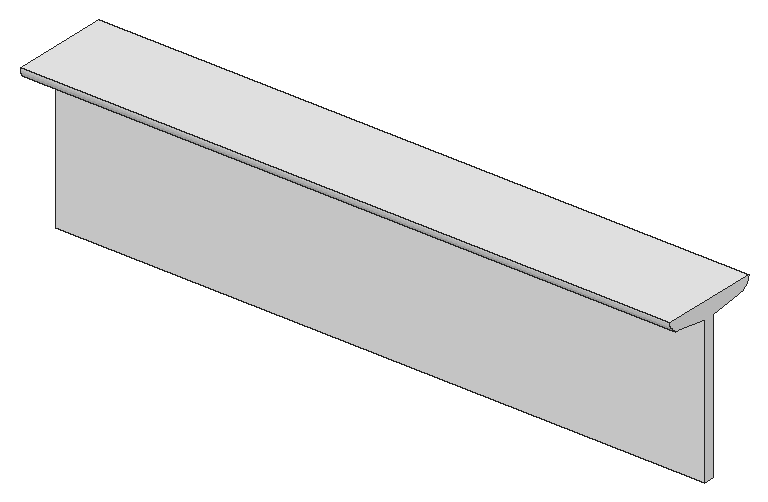
Revit family "M_TE-T estrutural", category Quadro estrutural, Revit 2019
Family settings
  Arredondamento do comprimento do framing estrutural = 0 mm
  Forma do corte = Não definido
  Material para o comportamento do modelo = Aço
  Exportar sempre como geometria = Não
  Número OmniClass = 23.25.30.11.14.14
  Título OmniClass = Beams
  ID de item do Seek = ST-Structural Tee-0000-CAN-ENU
  Sempre na vertical = Sim
  Corte com vazios quando carregada = Não
  Representação simbólica = Das configurações de projeto
  Compartilhado = Não
  Exibir o pré-corte da família na vista da planta = Sim
Parameters (values of type "ST305X74.5")
  W = 0.73
  Structural Material [instance] = Aço, 45-345
  Assembly Code = ""
  Length [instance] = 1524 mm
  bf = 184 mm
  d = 305 mm
  k = 43 mm
  tf = 22.1 mm
  tw = 18.9 mm
  A = 0.009 m²
Types (2, lengths in mm): name | W | bf | d | k | tf | tw | A
  ST230X52 | 0.511 | 159 | 229 | 37 | 17.6 | 18.1 | 0.00663 m²
  ST305X74.5 | 0.73 | 184 | 305 | 43 | 22.1 | 18.9 | 0.009 m²
Reference planes
  plane 1 "Centro (Frente/Trás)": y = 0
  plane 2: z = 0
  plane 3 "Centro (Esquerda/Direita)": x = 4.61
  plane 4 "Membro esquerdo": x = -604.99
  plane 5 "Membro direito": x = 614.21
  plane 6: y = 92
  plane 7: y = -92
  plane 8 "Superior": z = 152.5
  plane 9: z = -152.5
  plane 10 "Esquerda": x = -757.39
  plane 11 "Direita": x = 766.61
Forms (mm)
  Sweep 1, solid, material "Aço, 45-345" <- "Structural Material", detail levels medium
    path origin (0, 0, 0) x (1, 0, 0) y (0, 1, 0)
      loop
        line (614.21, 0) -> (-604.99, 0)
    profile "M_TE T estrutural-Perfil-Médio : M_TE T estrutural-Perfil-Médio" origin (4.61, 0, 0) x (0, -1, 0) y (0, 0, 1)
      loop
        line (-92, 152.5) -> (-92, 130.4) -> (-9.45, 117.325) -> (-9.45, -152.5) -> (9.45, -152.5) -> (9.45, 117.325) -> (92, 130.4) -> (92, 152.5) -> (-92, 152.5)
  Sweep 2, solid, material "Aço, 45-345" <- "Structural Material", detail levels fine
    path origin (0, 0, 0) x (1, 0, 0) y (0, 1, 0)
      loop
        line (614.21, 0) -> (-604.99, 0)
    profile "M_TE T estrutural-Perfil-Alto : M_TE T estrutural-Perfil-Alto" origin (4.61, 0, 0) x (0, -1, 0) y (0, 0, 1)
      loop
        arc (-92, 152.5) -> (-85.527, 136.873) -> (-69.9, 130.4) r 22.1
        line (-69.9, 130.4) -> (-9.45, 120.826) -> (-9.45, -152.5) -> (9.45, -152.5) -> (9.45, 120.817) -> (69.956, 130.4)
        arc (69.956, 130.4) -> (85.547, 136.893) -> (92, 152.5) r 22.1
        line (92, 152.5) -> (-92, 152.5)
Lines and regions (mm)
  symbolic lines, style "Faces ocultas", detail levels medium+fine
    curve 1: line (614.21, -9.45, 0) -> (-604.99, -9.45, 0)
    curve 2: line (614.21, 9.45, 0) -> (-604.99, 9.45, 0)
  symbolic lines, style "Símbolos de vara", detail levels coarse
    curve 3: line (4.61, 92, 152.5) -> (4.61, -92, 152.5)
    curve 4: line (4.61, 0, 152.5) -> (4.61, 0, -152.5)
Dimensions and locks
  "bf": plane 6 to plane 7
  "d": plane 9 to plane 8 "Superior"
  equal spacing: plane 9, plane 2, plane 8 "Superior"
  equal spacing: plane 6, plane 1 "Centro (Frente/Trás)", plane 7
  "Length": plane 10 "Esquerda" to plane 11 "Direita"
  equal spacing: curve 2, plane 1 "Centro (Frente/Trás)", curve 1
  "tw": curve 2 to curve 1
  aligned and locked: Sweep 1 sketch curve to plane 1 "Centro (Frente/Trás)"
  aligned and locked: Sweep 2 sketch curve to plane 1 "Centro (Frente/Trás)"
  aligned and locked: Sweep 2 to curve 3
  aligned and locked: curve 4 to Sweep 1
  aligned and locked: Sweep 1 to curve 3
  aligned and locked: curve 3 to Sweep 1
  aligned and locked: plane 4 "Membro esquerdo" to Sweep 1 sketch curve
  aligned and locked: plane 5 "Membro direito" to Sweep 1 sketch curve
  aligned and locked: plane 4 "Membro esquerdo" to Sweep 2 sketch curve
  aligned and locked: plane 5 "Membro direito" to Sweep 2 sketch curve
  aligned and locked: plane 4 "Membro esquerdo" to curve 2
  aligned and locked: plane 4 "Membro esquerdo" to curve 1
  aligned and locked: plane 5 "Membro direito" to curve 2
  aligned and locked: plane 5 "Membro direito" to curve 1
Automatic sketch dimensions
  curve 4 to plane 1 "Centro (Frente/Trás)" = 0 mm
Types in the file's own list only (26): name | W | bf | d | k | tf | tw | A
  ST305X90 | 0.883 | 204 mm | 311 mm | 50 mm | 28 mm | 20 mm | 0.01 m²
  ST305X79 | 0.773 | 200 mm | 311 mm | 50 mm | 28 mm | 16 mm | 0.01 m²
  ST305X67 | 0.657 | 181 mm | 305 mm | 43 mm | 22 mm | 16 mm | 0.01 m²
  ST305X59.5 | 0.584 | 178 mm | 305 mm | 43 mm | 22 mm | 13 mm | 0.01 m²
  ST255X71.5 | 0.7 | 183 mm | 258 mm | 45 mm | 23 mm | 20 mm | 0.01 m²
  ST255X64 | 0.628 | 179 mm | 258 mm | 45 mm | 23 mm | 17 mm | 0.01 m²
  ST255X56 | 0.547 | 162 mm | 254 mm | 41 mm | 20 mm | 16 mm | 0.01 m²
  ST255X49.1 | 0.482 | 159 mm | 254 mm | 41 mm | 20 mm | 13 mm | 0.01 m²
  ST230X40.7 | 0.399 | 152 mm | 229 mm | 37 mm | 18 mm | 12 mm | 0.01 m²
  ST190X37 | 0.365 | 143 mm | 191 mm | 34 mm | 16 mm | 14 mm | 0.00 m²
  ST190X32 | 0.313 | 140 mm | 191 mm | 34 mm | 16 mm | 10 mm | 0.00 m²
  ST155X37 | 0.365 | 139 mm | 152 mm | 35 mm | 17 mm | 17 mm | 0.00 m²
  ST155X30.35 | 0.298 | 133 mm | 152 mm | 35 mm | 17 mm | 12 mm | 0.00 m²
  ST155X26 | 0.255 | 129 mm | 152 mm | 29 mm | 14 mm | 11 mm | 0.00 m²
  ST155X23.65 | 0.232 | 127 mm | 152 mm | 29 mm | 14 mm | 9 mm | 0.00 m²
  ST125X26 | 0.255 | 126 mm | 127 mm | 27 mm | 13 mm | 15 mm | 0.00 m²
  ST125X18.9 | 0.185 | 118 mm | 127 mm | 27 mm | 13 mm | 8 mm | 0.00 m²
  ST100X17 | 0.168 | 106 mm | 102 mm | 24 mm | 11 mm | 11 mm | 0.00 m²
  ST100X13.7 | 0.134 | 102 mm | 102 mm | 24 mm | 11 mm | 7 mm | 0.00 m²
  ST75X12.85 | 0.126 | 91 mm | 76 mm | 20 mm | 9 mm | 12 mm | 0.00 m²
  ST75X9.3 | 0.091 | 85 mm | 76 mm | 20 mm | 9 mm | 6 mm | 0.00 m²
  ST65X7.5 | 0.073 | 76 mm | 64 mm | 19 mm | 8 mm | 5 mm | 0.00 m²
  ST50X7.05 | 0.069 | 71 mm | 51 mm | 18 mm | 7 mm | 8 mm | 0.00 m²
  ST50X5.75 | 0.056 | 68 mm | 51 mm | 18 mm | 7 mm | 5 mm | 0.00 m²
  ST37.5X5.6 | 0.055 | 64 mm | 38 mm | 16 mm | 7 mm | 9 mm | 0.00 m²
  ST37.5X4.25 | 0.042 | 59 mm | 38 mm | 16 mm | 7 mm | 4 mm | 0.00 m²
